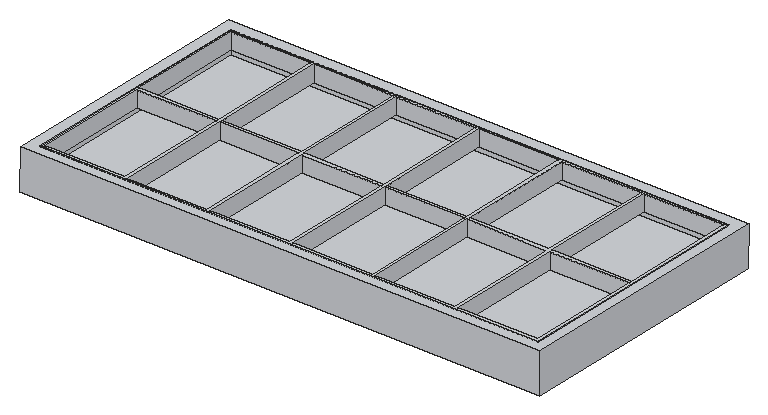
Revit family "90b063e1bb38431087c8181b29377990", category Lighting Fixtures, host Face, Revit 2021
Family settings
  Host = Face
  Round Connector Dimension = Use Diameter
  Part Type = Normal
  OmniClass Number = 23.80.70.11.14.17
  OmniClass Title = Direct/Indirect
  Seek Item ID = Recessed High Efficiency Louvered Light-0000-USA-ENU
  Cut with Voids When Loaded = No
  Light Source = Yes
  Shared = No
  Room Calculation Point = No
Parameters (values of type "2 Lamp - 277V")
  Wattage = 64 W
  built-in parameter 1150110 = 1 (stored number, unit not read)
  built-in parameter 1150109 = 1 (stored number, unit not read)
  built-in parameter 1150134 = 8
  built-in parameter 1150113 = 1 (stored number, unit not read)
  Tilt Angle = -90.00°
  Lumens = 6200.32 lm
  built-in parameter 1150115 = 1 (stored number, unit not read)
  built-in parameter 1150105 = 493.41 (stored number, unit not read)
  Load Classification = Lighting - Dwelling Unit
  Light Width = 2' - 0"
  built-in parameter 1114217 = 0.88 (stored number, unit not read)
  built-in parameter 1150137 = 1
  built-in parameter 1150139 = (empty or 0)
  Light Length = 4' - 0"
  Light Height = 0' - 3 11/16"
  Light Box Material = none
  Length1 = Light Length / 2  # 2' - 0"
  built-in parameter 1150112 = 1 (stored number, unit not read)
  built-in parameter 1150114 = 1 (stored number, unit not read)
  Lamp = "T-8"
  Photometric Web File = "RHELL2T8.ies"
  built-in parameter 1150132 = (empty or 0)
  built-in parameter 1150102 = (empty or 0)
  built-in parameter 1150138 = (empty or 0)
  built-in parameter 1150107 = 4230 (stored number, unit not read)
  built-in parameter 1150106 = 4.9341 (stored number, unit not read)
  Grid Material = none
  Emit from Rectangle Width = Light Width - 0' 2"  # 1' - 10"
  Emit from Rectangle Length = Light Length - 0' 2"  # 3' - 10"
  Emit Shape Visible in Rendering = no
  built-in parameter 1150104 = 9.0004 (stored number, unit not read)
  Dimming Lamp Color Temperature Shift = <None>
  Diffuser Material = none
  Default Elevation = 4' - 0"
  Color Filter = 16777215
  built-in parameter 1140040 [instance] = 1
  Ballast Voltage = 277 V
  Ballast Number of Poles = 1
  built-in parameter 1114218 = 0.88 (stored number, unit not read)
  built-in parameter 1150133 = 10 (stored number, unit not read)
  Assembly Code = ""
  Apparent Load = 64 VA
Types (2): name | Ballast Voltage
  2 Lamp - 120V | 120 V
  2 Lamp - 277V | 277 V
Reference planes (in)
  plane 1 "Center (Front/Back)": y = 0
  plane 2: z = 0
  plane 3 "Center (Left/Right)": x = 0
  plane 4: x = -24
  plane 5: x = 24
  plane 6: y = -24
  plane 7: z = -3.6875
  plane 8: x = -23
  plane 9: x = 23
  plane 10: y = -23
  plane 11: y = -1
  plane 12: y = -12
  plane 13: z = -2.6875
  plane 14: z = -2.0625
  plane 15: z = -2.3125
  plane 16: z = -1.5
  plane 17: y = -1.25
  plane 18: y = -11.875
  plane 19: y = -12.125
  plane 20: y = -22.75
  plane 21: x = -0.125
  plane 22: x = 0.125
  plane 23: x = -22.75
  plane 24: x = 22.75
  plane 25: x = -15.375
  plane 26: x = -7.75
  plane 27: x = 7.5
  plane 28: x = 15.125
  plane 29: x = -15.125
  plane 30: x = -7.5
  plane 31: x = 7.75
  plane 32: x = 15.375
Forms (in)
  Extrusion 1, void
    sketch origin (0, 0, 0) x (1, 0, 0) y (0, 1, 0)
      loop
        line (-24, 0) -> (-24, -24) -> (24, -24) -> (24, 0) -> (-24, 0)
    from -3.6875 to 0
  Extrusion 2, solid, material <- "Light Box Material"
    sketch origin (0, 0, 0) x (1, 0, 0) y (0, 1, 0)
      loop
        line (-24, 0) -> (-24, -24) -> (24, -24) -> (24, 0) -> (-24, 0)
      loop
        line (-23, -1) -> (-23, -23) -> (23, -23) -> (23, -1) -> (-23, -1)
    from -3.6875 to 0
  Extrusion 3, solid, material <- "Light Box Material"
    sketch origin (0, 0, 0) x (0, 1, 0) y (0, 0, 1)
      loop
        line (0, -3.6875) -> (0, 0) -> (-1, 0) -> (-1, -2.6875) -> (-23, -2.6875) -> (-23, 0) -> (-24, 0) -> (-24, -3.6875) -> (0, -3.6875)
    from -24 to 24
  Extrusion 4, solid, material <- "Diffuser Material"
    sketch origin (0, 0, 0) x (0, 1, 0) y (0, 0, 1)
      loop
        line (-1, -2.0625) -> (-23, -2.0625) -> (-23, -2.3125) -> (-1, -2.3125) -> (-1, -2.0625)
    from -23 to 23
  Extrusion 5, solid, material <- "Grid Material"
    sketch origin (0, 0, 0) x (0, 1, 0) y (0, 0, 1)
      loop
        line (-1, 0) -> (-1.25, 0) -> (-1.25, -1.5) -> (-1, -1.5) -> (-1, 0)
      loop
        line (-11.875, 0) -> (-12.125, 0) -> (-12.125, -1.5) -> (-11.875, -1.5) -> (-11.875, 0)
      loop
        line (-22.75, 0) -> (-23, 0) -> (-23, -1.5) -> (-22.75, -1.5) -> (-22.75, 0)
    from -23 to 23
  Extrusion 6, solid, material <- "Grid Material"
    sketch origin (0, 0, 0) x (1, 0, 0) y (0, 0, 1)
      loop
        line (-23, 0) -> (-23, -1.5) -> (-22.75, -1.5) -> (-22.75, 0) -> (-23, 0)
      loop
        line (-15.375, 0) -> (-15.375, -1.5) -> (-15.125, -1.5) -> (-15.125, 0) -> (-15.375, 0)
      loop
        line (-7.75, 0) -> (-7.75, -1.5) -> (-7.5, -1.5) -> (-7.5, 0) -> (-7.75, 0)
      loop
        line (-0.125, 0) -> (-0.125, -1.5) -> (0.125, -1.5) -> (0.125, 0) -> (-0.125, 0)
      loop
        line (7.5, 0) -> (7.5, -1.5) -> (7.75, -1.5) -> (7.75, 0) -> (7.5, 0)
      loop
        line (15.125, 0) -> (15.125, -1.5) -> (15.375, -1.5) -> (15.375, 0) -> (15.125, 0)
      loop
        line (22.75, 0) -> (22.75, -1.5) -> (23, -1.5) -> (23, 0) -> (22.75, 0)
    from 1 to 23
Cuts and joins
  joined: Extrusion 2, Extrusion 3
  joined: Extrusion 5, Extrusion 6
Lines and regions (in)
  symbolic lines
    curve 1: line (-24, 0, 0) -> (24, 0, 0)
    curve 2: line (-24, -24, 0) -> (-24, 0, 0)
    curve 3: line (24, -24, 0) -> (-24, -24, 0)
    curve 4: line (24, 0, 0) -> (24, -24, 0)
  symbolic lines, detail levels coarse+medium
    curve 5: line (-24, 0, 0) -> (24, -24, 0)
Dimensions and locks (in)
  "Length1": plane 4 to plane 3 "Center (Left/Right)"
  "Light Length": plane 4 to plane 5
  "Light Width": plane 1 "Center (Front/Back)" to plane 6
  "Light Height": plane 2 to plane 7
  locked: plane 1 "Center (Front/Back)" to plane 11 at 1
  locked: plane 10 to plane 6 at 1
  locked: plane 4 to plane 8 at 1
  locked: plane 9 to plane 5 at 1
  equal spacing: plane 6, plane 12, plane 1 "Center (Front/Back)"
  locked: plane 13 to plane 7 at 1
  locked: plane 14 to plane 15 at 0.25
  locked: plane 2 to plane 16 at 1.5
  locked: plane 11 to plane 17 at 0.25
  locked: plane 20 to plane 10 at 0.25
  locked: plane 18 to plane 12 at 0.125
  locked: plane 12 to plane 19 at 0.125
  locked: plane 23 to plane 8 at 0.25
  locked: plane 3 "Center (Left/Right)" to plane 21 at 0.125
  locked: plane 22 to plane 3 "Center (Left/Right)" at 0.125
  locked: plane 9 to plane 24 at 0.25
  equal spacing: plane 21, plane 26, plane 25, plane 8
  equal spacing: plane 24, plane 28, plane 27, plane 21
  locked: plane 29 to plane 25 at 0.25
  locked: plane 30 to plane 26 at 0.25
  locked: plane 31 to plane 27 at 0.25
  locked: plane 32 to plane 28 at 0.25
  aligned and locked: plane 2 to host face
  aligned and locked: level to host face
  aligned and locked: plane 4 to Extrusion 1 sketch curve
  aligned and locked: plane 1 "Center (Front/Back)" to Extrusion 1 sketch curve
  aligned and locked: plane 6 to Extrusion 1 sketch curve
  aligned and locked: Extrusion 1 sketch curve to plane 5
  aligned and locked: Extrusion 1 to plane 7
  aligned and locked: plane 2 to Extrusion 1
  aligned and locked: plane 1 "Center (Front/Back)" to Extrusion 2 sketch curve
  aligned and locked: plane 4 to Extrusion 2 sketch curve
  aligned and locked: Extrusion 2 sketch curve to plane 5
  aligned and locked: plane 6 to Extrusion 2 sketch curve
  aligned and locked: Extrusion 2 sketch curve to plane 11
  aligned and locked: plane 10 to Extrusion 2 sketch curve
  aligned and locked: plane 8 to Extrusion 2 sketch curve
  aligned and locked: Extrusion 2 sketch curve to plane 9
  aligned and locked: Extrusion 2 to plane 7
  aligned and locked: plane 2 to Extrusion 2
  aligned and locked: plane 7 to Extrusion 3 sketch curve
  aligned and locked: plane 1 "Center (Front/Back)" to Extrusion 3 sketch curve
  aligned and locked: plane 6 to Extrusion 3 sketch curve
  aligned and locked: Extrusion 3 sketch curve to plane 11
  aligned and locked: plane 10 to Extrusion 3 sketch curve
  aligned and locked: plane 13 to Extrusion 3 sketch curve
  aligned and locked: Extrusion 3 sketch curve to plane 2  (x2)
  aligned and locked: Extrusion 3 to plane 4
  aligned and locked: plane 5 to Extrusion 3
  aligned and locked: plane 15 to Extrusion 4 sketch curve
  aligned and locked: Extrusion 4 sketch curve to plane 11
  aligned and locked: plane 10 to Extrusion 4 sketch curve
  aligned and locked: Extrusion 4 sketch curve to plane 14
  aligned and locked: Extrusion 4 to plane 8
  aligned and locked: plane 9 to Extrusion 4
  aligned and locked: plane 16 to Extrusion 5 sketch curve  (x3)
  aligned and locked: Extrusion 5 sketch curve to plane 11
  aligned and locked: Extrusion 5 sketch curve to plane 17
  aligned and locked: Extrusion 5 sketch curve to plane 2  (x3)
  aligned and locked: plane 20 to Extrusion 5 sketch curve
  aligned and locked: plane 10 to Extrusion 5 sketch curve
  aligned and locked: plane 18 to Extrusion 5 sketch curve
  aligned and locked: Extrusion 5 sketch curve to plane 19
  aligned and locked: Extrusion 5 to plane 8
  aligned and locked: plane 9 to Extrusion 5
  aligned and locked: plane 16 to Extrusion 6 sketch curve  (x7)
  aligned and locked: Extrusion 6 sketch curve to plane 2  (x7)
  aligned and locked: plane 8 to Extrusion 6 sketch curve
  aligned and locked: Extrusion 6 sketch curve to plane 23
  aligned and locked: plane 25 to Extrusion 6 sketch curve
  aligned and locked: Extrusion 6 sketch curve to plane 29
  aligned and locked: plane 26 to Extrusion 6 sketch curve
  aligned and locked: Extrusion 6 sketch curve to plane 30
  aligned and locked: plane 21 to Extrusion 6 sketch curve
  aligned and locked: Extrusion 6 sketch curve to plane 22
  aligned and locked: plane 27 to Extrusion 6 sketch curve
  aligned and locked: Extrusion 6 sketch curve to plane 31
  aligned and locked: plane 28 to Extrusion 6 sketch curve
  aligned and locked: Extrusion 6 sketch curve to plane 32
  aligned and locked: plane 24 to Extrusion 6 sketch curve
  aligned and locked: Extrusion 6 sketch curve to plane 9
  aligned and locked: plane 11 to Extrusion 6
  aligned and locked: Extrusion 6 to plane 10
  aligned and locked: plane 4 to curve 2
  aligned and locked: curve 4 to plane 5
  aligned and locked: plane 1 "Center (Front/Back)" to curve 1
  aligned and locked: plane 6 to curve 3
  aligned and locked: plane 3 "Center (Left/Right)" to imposter light
  aligned and locked: plane 2 to imposter light
  aligned and locked: plane 12 to imposter light
Automatic sketch dimensions
  host sketch curve to host sketch curve = 8' - 0"  (x2)
Connectors (in)
  electrical at (0, -12, -3.6875), driven by "Apparent Load", driven by "Ballast Voltage", driven by "Ballast Number of Poles", driven by "Load Classification"
    settings: on cut or joined group of Extrusion 2, Extrusion 3, index 1, voltage 277 V, apparent load 0 VA, apparent load phase1 64 VA, apparent load phase2 0 VA, apparent load phase3 0 VA, power factor 0.95, load classification "Lighting - Dwelling Unit", number of poles 1, system type 31, power factor state 1, is connector primary yes, connector utility no, sub classification motor no, connector description ""
